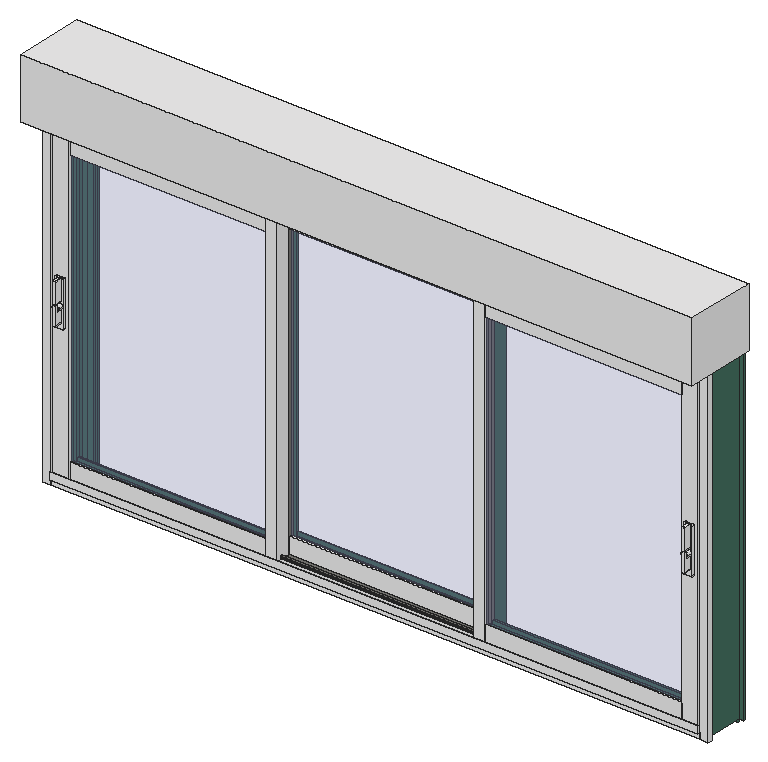
Revit family "K-LINE COULISSANT NEUF-KLBC2R-3V - Bloc Baie VR", category Fenêtres, Revit 2017 (continued)
Definition of nested family "Ouvrant KLBC"
  Dimensions and locks
    aligned and locked: plane 9 to Extrusion 2 sketch curve
    aligned and locked: Extrusion 2 sketch curve to plane 15
    aligned and locked: plane 3 "Centre (gauche/droite)" to Extrusion 2 sketch curve
    aligned and locked: plane 6 "Nu ext" to Extrusion 2 sketch curve
    aligned and locked: Extrusion 2 sketch curve to plane 7
    aligned and locked: plane 13 to Extrusion 2 sketch curve
    aligned and locked: Extrusion 2 sketch curve to plane 8
    aligned and locked: Extrusion 2 sketch curve to plane 1 "Centre (avant/arrière)"
    aligned and locked: plane 17 to Extrusion 3 sketch curve
    aligned and locked: plane 12 to Extrusion 3 sketch curve
    aligned and locked: plane 10 to Extrusion 3 sketch curve
    aligned and locked: plane 11 to Extrusion 3 sketch curve
    aligned and locked: plane 13 to Extrusion 3 sketch curve
    aligned and locked: plane 4 to Extrusion 4 sketch curve
    aligned and locked: Extrusion 4 sketch curve to plane 17
    aligned and locked: Extrusion 4 sketch curve to plane 13
    aligned and locked: plane 10 to Extrusion 4 sketch curve
    aligned and locked: Extrusion 4 sketch curve to plane 6 "Nu ext"
    aligned and locked: Extrusion 4 sketch curve to plane 18
    aligned and locked: Extrusion 3 sketch curve to plane 18
    aligned and locked: Extrusion 3 sketch curve to plane 5
    aligned and locked: Extrusion 3 sketch curve to plane 14
    aligned and locked: Extrusion 4 to plane 2
    aligned and locked: Extrusion 3 to plane 2
    aligned and locked: Extrusion 1 to plane 2
    aligned and locked: Extrusion 2 to plane 2
    aligned and locked: plane 19 to Extrusion 1
    aligned and locked: plane 19 to Extrusion 2
    aligned and locked: plane 19 to Extrusion 3
    aligned and locked: plane 19 to Extrusion 4
    aligned and locked: plane 24 to Extrusion 5 sketch curve
    aligned and locked: plane 21 to Extrusion 5 sketch curve
    aligned and locked: plane 13 to Extrusion 5 sketch curve
    aligned and locked: plane 22 to Extrusion 5 sketch curve
    aligned and locked: Extrusion 5 sketch curve to plane 1 "Centre (avant/arrière)"
    aligned and locked: plane 23 to Extrusion 5 sketch curve
    aligned and locked: Extrusion 5 sketch curve to plane 2
    aligned and locked: Extrusion 5 sketch curve to plane 24
    aligned and locked: Extrusion 5 sketch curve to plane 19
    aligned and locked: Extrusion 5 sketch curve to plane 28
    aligned and locked: plane 1 "Centre (avant/arrière)" to Extrusion 5 sketch curve
    aligned and locked: Extrusion 5 sketch curve to plane 27
    aligned and locked: Extrusion 5 sketch curve to plane 13
    aligned and locked: Extrusion 5 sketch curve to plane 26
    aligned and locked: plane 15 to Extrusion 5 sketch curve
    aligned and locked: Extrusion 5 sketch curve to plane 15
    aligned and locked: plane 23 to Extrusion 6 sketch curve
    aligned and locked: Extrusion 6 sketch curve to plane 16
    aligned and locked: plane 2 to Extrusion 6 sketch curve
    aligned and locked: Extrusion 6 sketch curve to plane 15
    aligned and locked: plane 19 to Extrusion 6 sketch curve
    aligned and locked: plane 16 to Extrusion 6 sketch curve
    aligned and locked: Extrusion 6 sketch curve to plane 28
    aligned and locked: plane 15 to Extrusion 6 sketch curve
    aligned and locked: Extrusion 6 to plane 4
    aligned and locked: plane 3 "Centre (gauche/droite)" to Extrusion 6
    aligned and locked: plane 10 to Extrusion 5
    aligned and locked: plane 7 to cut or joined group of Extrusion 5, Extrusion 6
    aligned and locked: plane 19 to Extrusion 7 sketch curve
    aligned and locked: plane 28 to Extrusion 7 sketch curve
    aligned and locked: plane 1 "Centre (avant/arrière)" to Extrusion 7 sketch curve
    aligned and locked: Extrusion 7 sketch curve to plane 16
    aligned and locked: plane 25 to Extrusion 7 sketch curve
    aligned and locked: plane 27 to Extrusion 7 sketch curve
    aligned and locked: plane 26 to Extrusion 7 sketch curve
    aligned and locked: plane 14 to Extrusion 7 sketch curve
    aligned and locked: Extrusion 7 sketch curve to plane 21
    aligned and locked: Extrusion 7 sketch curve to plane 22
    aligned and locked: Extrusion 7 sketch curve to plane 23
    aligned and locked: plane 2 to Extrusion 7 sketch curve
    aligned and locked: Extrusion 7 sketch curve to plane 25
    aligned and locked: Extrusion 7 sketch curve to plane 14
    aligned and locked: plane 16 to Extrusion 7 sketch curve
    aligned and locked: Extrusion 7 sketch curve to plane 1 "Centre (avant/arrière)"
    aligned and locked: nested 1 to plane 5
    aligned and locked: nested 1 to plane 29
    aligned and locked: nested 1 to plane 20
    aligned and locked: nested 2 to plane 29
    aligned and locked: plane 5 to nested 2
    aligned and locked: plane 20 to nested 2
    aligned and locked: plane 1 "Centre (avant/arrière)" to nested 3
    aligned and locked: plane 30 to nested 3
    aligned and locked: nested 3 to plane 22
    aligned and locked: plane 1 "Centre (avant/arrière)" to nested 4
    aligned and locked: plane 3 "Centre (gauche/droite)" to nested 4
    aligned and locked: nested 5 to plane 1 "Centre (avant/arrière)"
    aligned and locked: plane 19 to nested 5
    aligned and locked: plane 2 to nested 6
    aligned and locked: plane 1 "Centre (avant/arrière)" to nested 6
    aligned and locked: plane 4 to nested 7
    aligned and locked: plane 1 "Centre (avant/arrière)" to nested 7
    aligned and locked: nested 8 to plane 4
    aligned and locked: plane 1 "Centre (avant/arrière)" to nested 8
    aligned and locked: plane 14 to Extrusion 8 sketch curve
    aligned and locked: plane 17 to Extrusion 8 sketch curve
    aligned and locked: Extrusion 8 sketch curve to plane 4
    aligned and locked: Extrusion 9 sketch curve to plane 14
    aligned and locked: plane 13 to Extrusion 9 sketch curve
    aligned and locked: plane 6 "Nu ext" to Extrusion 9 sketch curve
    aligned and locked: Extrusion 9 sketch curve to plane 31
    aligned and locked: Extrusion 9 sketch curve to plane 12
    aligned and locked: Extrusion 9 sketch curve to plane 10
    aligned and locked: Extrusion 9 sketch curve to plane 11
    aligned and locked: Extrusion 9 sketch curve to plane 17
    aligned and locked: Extrusion 8 sketch curve to plane 31
    aligned and locked: plane 10 to Extrusion 7
    aligned and locked: plane 19 to Extrusion 8
    aligned and locked: plane 19 to Extrusion 9
    aligned and locked: Extrusion 9 to plane 2
    aligned and locked: Extrusion 8 to plane 2
    aligned and locked: plane 5 to Extrusion 8 sketch curve
    aligned and locked: Extrusion 10 sketch curve to plane 32
    aligned and locked: plane 4 to Extrusion 10 sketch curve
    aligned and locked: plane 10 to Extrusion 10 sketch curve
    aligned and locked: plane 5 to Extrusion 10 sketch curve
    aligned and locked: plane 23 to Extrusion 10
    aligned and locked: plane 19 to Extrusion 10
    aligned and locked: nested 9 to plane 30
    aligned and locked: nested 9 to plane 1 "Centre (avant/arrière)"
    aligned and locked: plane 33 to nested 10
    aligned and locked: plane 34 to nested 11
    aligned and locked: plane 35 to nested 12
    aligned and locked: nested 12 to plane 1 "Centre (avant/arrière)"
    aligned and locked: nested 11 to plane 1 "Centre (avant/arrière)"
    aligned and locked: nested 10 to plane 1 "Centre (avant/arrière)"
    aligned and locked: plane 38 to nested 9
    aligned and locked: nested 10 to plane 30
    aligned and locked: nested 11 to plane 30
    aligned and locked: nested 12 to plane 30
    aligned and locked: plane 19 to Extrusion 11 sketch curve
    aligned and locked: plane 9 to Extrusion 11 sketch curve
    aligned and locked: Extrusion 11 sketch curve to plane 40
    aligned and locked: Extrusion 11 sketch curve to plane 8
    aligned and locked: plane 41 to Extrusion 11
    aligned and locked: Extrusion 11 to plane 5
  Automatic sketch dimensions
    curve 6 to plane 39 = 0.00 mm
    curve 6 to plane 30 = 100.00 mm
    plane 30 to curve 4 = 100.00 mm
    plane 39 to curve 5 = 10.353 mm
    curve 4 to curve 5 = 38.637 mm
    curve 6 to plane 39 = 10.353 mm
    curve 6 to curve 5 = 0.00 mm
    Extrusion 8 sketch curve to plane 10 = 0.00 mm
    curve 9 to plane 20 = 0.00 mm
    plane 20 to curve 8 = 16.905 mm
    plane 30 to curve 8 = 63.748 mm
    curve 3 to curve 7 = 36.252 mm
    curve 7 to plane 30 = 100.00 mm
    curve 1 to curve 7 = 0.00 mm
    curve 2 to plane 20 = 16.905 mm
    curve 2 to curve 3 = 0.00 mm
    plane 9 to Extrusion 11 sketch curve = 4.00 mm
    Extrusion 11 sketch curve to Extrusion 11 sketch curve = 4.00 mm
  Nested families
    nested 1: "Poignée 24751" at (-31.5, 21.75, 721.5), visible <- "Poignée PF", type "Poignée 24751", detail levels fine
    nested 2: "KLBC_Poignée 102217" at (-31.5, 21.75, 721.5) x (-1, 0, 0) z (0, 0, 1), visible <- "Poignée F", type "KLBC_Poignée 102217", detail levels fine
    nested 3: "Vitrage" at (-619.25, 0, 48), Width <- "Lg vitrage", Height <- "Ht vitrage", type "Vitrage"
      with Width 1143.50 mm, Height 1347.00 mm
    nested 4: "Détail 2D - KLBC - Profil ouvrant" at (-62.5, 0, 0) x (0, -1, 0) z (0, 0, 1), type "Détail 2D - KLBC - Profil ouvrant"
      with Traverse no, Pf vitrage 15.00 mm, Lg 43.50 mm, Ht 62.50 mm
    nested 5: "Détail 2D - KLBC - Profil ouvrant" at (0, 0, 1381) x (0, 1, 0) z (1, 0, 0), type "Détail 2D - KLBC - Profil ouvrant"
      with Traverse yes, Pf vitrage 14.00 mm, Lg 40.00 mm, Ht 62.00 mm
    nested 6: "Détail 2D - KLBC - Profil ouvrant" at (0, 0, 62) x (0, 1, 0) z (1, 0, 0), type "Détail 2D - KLBC - Profil ouvrant"
      with Traverse yes, Pf vitrage 14.00 mm, Lg 40.00 mm, Ht 62.00 mm
    nested 7: "Détail 2D - KLBC - Montant central" at (-1216, 0, 0), visible <- "Vantail Ext", type "Détail 2D - KLBC - Montant central"
      with Profondeur 7.75 mm, Porte fenêtre no, Mt renforcé no
    nested 8: "Détail 2D - KLBC - Montant central" at (-1216, 0, 0), Porte fenêtre <- "Porte fenêtre", visible <- "Vantail Int", Mt renforcé <- "Mt renforcé", type "Détail 2D - KLBC - Montant central"
      with Profondeur 7.75 mm, Porte fenêtre no, Mt renforcé no
    nested 9: "Traverse intermédiaire" at (-619.25, 0, 431) x (-1, 0, 0) z (0, 0, 1), visible <- "1 traverse", type "Traverse intermédiaire"
      with Longueur 1113.50 mm
    nested 10: "Traverse intermédiaire" at (-619.25, 0, 493.333) x (-1, 0, 0) z (0, 0, 1), visible <- "2 traverses", type "Traverse intermédiaire"
      with Longueur 1113.50 mm
    nested 11: "Traverse intermédiaire" at (-619.25, 0, 949.667) x (-1, 0, 0) z (0, 0, 1), visible <- "2 traverses", type "Traverse intermédiaire"
      with Longueur 1113.50 mm
    nested 12: "Traverse intermédiaire" at (-619.25, 0, 1406) x (-1, 0, 0) z (0, 0, 1), visible <- "3 traverses", type "Traverse intermédiaire"
      with Longueur 1113.50 mm
  Definition of nested family "Poignée 24751"
    Parameters
      Couleur Accessoire = none
    Reference planes
      plane 1 "Centre (avant/arrière)": y = 0
      plane 2: z = 0
      plane 3 "Centre (gauche/droite)": x = 0
      plane 4: y = -65
      plane 5: x = -22.6
      plane 6: y = -57
      plane 7: y = -7
      plane 8: z = 80
      plane 9: z = 117
      plane 10: z = -80
      plane 11: z = -117
      plane 12: z = 69.2
      plane 13: z = -69.2
    Forms (mm)
      Extrusion 1, solid, material <- "Couleur Accessoire"
        sketch origin (0, 0, 0) x (1, 0, 0) y (0, 1, 0)
          loop
            line (-14, 0) -> (-14, -7) -> (14, -7) -> (14, 0) -> (-14, 0)
        from -80 to 80
      Extrusion 2, solid, material <- "Couleur Accessoire"
        sketch origin (0, 0, 0) x (1, 0, 0) y (0, 1, 0)
          loop
            arc (-15.05, -65) -> (-22.6, -46) -> (-30.15, -65) r 11
            line (-30.15, -65) -> (-15.05, -65)
        from -117 to 117
      Extrusion 3, solid, material <- "Couleur Accessoire"
        sketch origin (0, 0, 0) x (1, 0, 0) y (0, 1, 0)
          loop
            line (-14, -7) -> (-31.287, -50.252)
            arc (-31.287, -50.252) -> (-17.9, -47.055) -> (-11.871, -59.427) r 11
            line (-11.871, -59.427) -> (14, -7) -> (-14, -7)
        from 69.2 to 80
      Extrusion 4, solid, material <- "Couleur Accessoire"
        sketch origin (0, 0, 0) x (1, 0, 0) y (0, 1, 0)
          loop
            line (-14, -7) -> (-31.287, -50.252)
            arc (-31.287, -50.252) -> (-17.9, -47.055) -> (-11.871, -59.427) r 11
            line (-11.871, -59.427) -> (14, -7) -> (-14, -7)
        from -80 to -69.2
    Cuts and joins
      joined: Extrusion 1, Extrusion 2, Extrusion 3, Extrusion 4
    Dimensions and locks
      locked: plane 4 to plane 1 "Centre (avant/arrière)" at 65
      locked: plane 5 to plane 3 "Centre (gauche/droite)" at 22.6
      locked: plane 6 to plane 1 "Centre (avant/arrière)" at 57
      locked: plane 7 to plane 1 "Centre (avant/arrière)" at 7
      Extrusion 1 sketch curve to plane 3 "Centre (gauche/droite)" = 14.00 mm
      plane 3 "Centre (gauche/droite)" to Extrusion 1 sketch curve = 14.00 mm
      locked: plane 8 to plane 2 at 80
      locked: plane 2 to plane 9 at 117
      locked: plane 10 to level at 80
      locked: level to plane 11 at 117
      locked: plane 12 to plane 8 at 10.8
      locked: plane 13 to plane 10 at 10.8
      aligned and locked: level to plane 2
      aligned and locked: plane 1 "Centre (avant/arrière)" to Extrusion 1 sketch curve
      aligned and locked: plane 7 to Extrusion 1 sketch curve
      aligned and locked: plane 11 to Extrusion 2
      aligned and locked: plane 9 to Extrusion 2
      aligned and locked: plane 10 to Extrusion 1
      aligned and locked: plane 8 to Extrusion 1
      aligned and locked: Extrusion 3 to Extrusion 1
      aligned and locked: Extrusion 3 to plane 12
      aligned and locked: Extrusion 4 to Extrusion 1
      aligned and locked: Extrusion 4 to plane 13
  Definition of nested family "KLBC_Poignée 102217"
    Parameters (values of type "KLBC_Poignée 102217")
      Couleur Accessoire = none
    Reference planes
      plane 1 "Centre (avant/arrière)": y = 0
      plane 2: z = 0
      plane 3 "Centre (gauche/droite)": x = 0
      plane 4: x = -15
      plane 5: y = -24.7
      plane 6: y = -7
      plane 7: z = 13.5
      plane 8: z = 95.5
      plane 9: z = -76
      plane 10: z = 93.5
      plane 11: x = -5
      plane 12: x = 15
      plane 13: x = 5
      plane 14: z = -58
      plane 15: y = -29
    Forms (mm)
      Extrusion 1, solid, material <- "Couleur Accessoire"
        sketch origin (0, 0, 0) x (1, 0, 0) y (0, 0, 1)
          loop
            line (13, 95.5) -> (-13, 95.5)
            arc (-13, 95.5) -> (-14.414, 94.914) -> (-15, 93.5) r 2
            line (-15, 93.5) -> (-15, -74)
            arc (-15, -74) -> (-14.414, -75.414) -> (-13, -76) r 2
            line (-13, -76) -> (13, -76)
            arc (13, -76) -> (14.414, -75.414) -> (15, -74) r 2
            line (15, -74) -> (15, 93.5)
            arc (15, 93.5) -> (14.414, 94.914) -> (13, 95.5) r 2
        from 0 to 7
      Extrusion 2, solid, material <- "Couleur Accessoire"
        sketch origin (0, 0, 0) x (1, 0, 0) y (0, 0, 1)
          loop
            circle (0, 0) r 12
        from 7 to 24.7
      Extrusion 3, solid, material <- "Couleur Accessoire"
        sketch origin (0, 0, 0) x (1, 0, 0) y (0, 0, 1)
          loop
            line (5, 15.253) -> (5, 91.747)
            arc (5, 91.747) -> (4.826, 92.311) -> (4.364, 92.678) r 1
            arc (4.364, 92.678) -> (0, 93.5) -> (-4.364, 92.678) r 12
            arc (-4.364, 92.678) -> (-4.826, 92.311) -> (-5, 91.747) r 1
            line (-5, 91.747) -> (-5, 15.253)
            arc (-5, 15.253) -> (-4.826, 14.689) -> (-4.364, 14.322) r 1
            arc (-4.364, 14.322) -> (0, 13.5) -> (4.364, 14.322) r 12
            arc (4.364, 14.322) -> (4.826, 14.689) -> (5, 15.253) r 1
          loop
            arc (5, 10.247) -> (4.826, 10.811) -> (4.364, 11.178) r 1
            arc (4.364, 11.178) -> (0, 12) -> (-4.364, 11.178) r 12
            arc (-4.364, 11.178) -> (-4.826, 10.811) -> (-5, 10.247) r 1
            line (-5, 10.247) -> (-5, -56.247)
            arc (-5, -56.247) -> (-4.826, -56.811) -> (-4.364, -57.178) r 1
            arc (-4.364, -57.178) -> (0, -58) -> (4.364, -57.178) r 12
            arc (4.364, -57.178) -> (4.826, -56.811) -> (5, -56.247) r 1
            line (5, -56.247) -> (5, 10.247)
        from 7 to 29
    Cuts and joins
      joined: Extrusion 2, Extrusion 3
    Dimensions and locks
      locked: plane 5 to plane 6 at 17.7
      locked: plane 6 to plane 1 "Centre (avant/arrière)" at 7
      locked: plane 7 to plane 2 at 13.5
      locked: plane 2 to plane 8 at 95.5
      locked: level to plane 9 at 76
      locked: plane 4 to plane 3 "Centre (gauche/droite)" at 15
      locked: plane 11 to plane 3 "Centre (gauche/droite)" at 5
      locked: plane 12 to plane 3 "Centre (gauche/droite)" at 15
      locked: plane 13 to plane 3 "Centre (gauche/droite)" at 5
      locked: plane 14 to level at 58
      locked: plane 15 to plane 5 at 4.3
      locked: plane 10 to plane 8 at 2
      radius of Extrusion 2 sketch curve = 12.00 mm
      aligned and locked: level to plane 2
      aligned and locked: plane 8 to Extrusion 1 sketch curve
      aligned and locked: Extrusion 1 sketch curve to plane 12
      aligned and locked: plane 9 to Extrusion 1 sketch curve
      aligned and locked: Extrusion 1 sketch curve to plane 4
      aligned and locked: Extrusion 1 to plane 1 "Centre (avant/arrière)"
      aligned and locked: Extrusion 1 to plane 6
      aligned and locked: Extrusion 2 to plane 5
      aligned and locked: plane 6 to Extrusion 2
      aligned and locked: plane 13 to Extrusion 3 sketch curve
      aligned and locked: plane 11 to Extrusion 3 sketch curve
      aligned and locked: Extrusion 3 sketch curve to plane 11
      aligned and locked: Extrusion 3 sketch curve to plane 13
      aligned and locked: plane 6 to Extrusion 3
      aligned and locked: Extrusion 3 to plane 15
  Definition of nested family "Vitrage"
    Parameters
      Width [instance] = 823.00 mm
      K.LINE Verre = none
      Height [instance] = 1344.00 mm
      Ep verre Int = 4.00 mm
      Ep verre Ext = 4.00 mm
      Ep Vitrage = 28.00 mm
      Analytic Construction = "<Aucun>"
    Reference planes
      plane 1 "Centre (avant/arrière)": y = 0
      plane 2: z = 0
      plane 3 "Centre (gauche/droite)": x = 0
      plane 4: x = -411.5
      plane 5: x = 411.5
      plane 6: y = 14
      plane 7: y = -14
      plane 8: y = 10
      plane 9: y = -10
      plane 10: z = 1344
      plane 11: x = -401.5
      plane 12: x = 401.5
      plane 13: z = 10
      plane 14: z = 1334
    Forms (mm)
      Extrusion 1, solid, material <- "K.LINE Verre"
        sketch origin (0, 0, 0) x (1, 0, 0) y (0, 1, 0)
          loop
            line (-411.5, 14) -> (-411.5, -14) -> (411.5, -14) -> (411.5, 14) -> (-411.5, 14)
        from 0 to 1344
    Lines and regions (mm)
      symbolic lines, detail levels medium+fine
        curve 1: line (-411.5, 14, 0) -> (411.5, 14, 0)
        curve 2: line (-411.5, -14, 0) -> (-411.5, 14, 0)
        curve 3: line (411.5, -14, 0) -> (-411.5, -14, 0)
        curve 4: line (411.5, 14, 0) -> (411.5, -14, 0)
        curve 10: line (0, -14, 0) -> (0, 14, 0)
        curve 11: line (0, -14, 1344) -> (0, -14, 0)
        curve 12: line (0, 14, 1344) -> (0, -14, 1344)
        curve 13: line (0, 14, 0) -> (0, 14, 1344)
      symbolic lines, detail levels coarse
        curve 5: line (-411.5, 0, 0) -> (411.5, 0, 0)
        curve 15: line (0, 0, 0) -> (0, 0, 1344)
      symbolic lines, detail levels fine
        curve 6: line (411.5, -10, 0) -> (-411.5, -10, 0)
        curve 7: line (411.5, 10, 0) -> (-411.5, 10, 0)
        curve 8: line (-401.5, 10, 0) -> (-401.5, -10, 0)
        curve 9: line (401.5, 10, 0) -> (401.5, -10, 0)
        curve 14: line (0, 10, 0) -> (0, 10, 1344)
        curve 16: line (0, -10, 0) -> (0, -10, 1344)
        curve 17: line (0, 10, 1334) -> (0, -10, 1334)
        curve 18: line (0, 10, 10) -> (0, -10, 10)
    Dimensions and locks
      equal spacing: plane 4, plane 3 "Centre (gauche/droite)", plane 5
      equal spacing: plane 6, plane 1 "Centre (avant/arrière)", plane 7
      "Width": plane 4 to plane 5
      "Ep Vitrage": plane 6 to plane 7
      "Ep verre Ext": plane 6 to plane 8
      "Ep verre Int": plane 9 to plane 7
      "Height": plane 2 to plane 10
      plane 4 to plane 11 = 10.00 mm
      locked: plane 12 to plane 5 at 10
      locked: plane 14 to plane 10 at 10
      locked: plane 13 to plane 2 at 10
      aligned and locked: level to plane 2
      aligned and locked: Extrusion 1 sketch curve to plane 6
      aligned and locked: plane 4 to Extrusion 1 sketch curve
      aligned and locked: Extrusion 1 sketch curve to plane 7
      aligned and locked: Extrusion 1 sketch curve to plane 5
      aligned and locked: Extrusion 1 to plane 10
      aligned and locked: Extrusion 1 to plane 2
      aligned and locked: plane 4 to curve 2
      aligned and locked: curve 4 to plane 5
      aligned and locked: curve 1 to plane 6
      aligned and locked: plane 1 "Centre (avant/arrière)" to curve 5
      aligned and locked: curve 3 to plane 7
      aligned and locked: plane 8 to curve 7
      aligned and locked: curve 6 to plane 9
      aligned and locked: curve 8 to plane 11
      aligned and locked: plane 12 to curve 9
      aligned and locked: plane 2 to curve 10
      aligned and locked: plane 10 to curve 12
      aligned and locked: curve 11 to plane 7
      aligned and locked: plane 9 to curve 16
      aligned and locked: plane 1 "Centre (avant/arrière)" to curve 15
      aligned and locked: curve 14 to plane 8
      aligned and locked: curve 13 to plane 6
      aligned and locked: curve 17 to plane 14
      aligned and locked: curve 18 to plane 13
  Definition of nested family "Traverse intermédiaire"
    Parameters
      Longueur = 1520.00 mm
      Couleur int = none
      Couleur ext = none
    Reference planes
      plane 1 "Centre (avant/arrière)": y = 0
      plane 2: z = 0
      plane 3 "Centre (gauche/droite)": x = 0
      plane 4: y = 20
      plane 5: y = -20
      plane 6: y = 14
      plane 7: y = -14
      plane 8: x = -760
      plane 9: x = 760
      plane 10: z = 25
      plane 11: z = -25
      plane 12: z = 11
      plane 13: z = -11
    Forms (mm)
      Extrusion 1, solid, material <- "Couleur int"
        sketch origin (0, 0, 0) x (0, 1, 0) y (0, 0, 1)
          loop
            line (-20, 25) -> (-20, -25) -> (-14, -25) -> (-14, -11) -> (0, -11) -> (0, 11) -> (-14, 11) -> (-14, 25) -> (-20, 25)
        from -760 to 760
      Extrusion 2, solid, material <- "Couleur ext"
        sketch origin (0, 0, 0) x (0, -1, 0) y (0, 0, -1)
          loop
            line (-20, -25) -> (-14, -25) -> (-14, -11) -> (0, -11) -> (0, 11) -> (-14, 11) -> (-14, 25) -> (-20, 25) -> (-20, -25)
        from -760 to 760
    Dimensions and locks
      locked: plane 4 to plane 1 "Centre (avant/arrière)" at 20
      locked: plane 5 to plane 1 "Centre (avant/arrière)" at 20
      locked: plane 6 to plane 4 at 6
      locked: plane 7 to plane 5 at 6
      equal spacing: plane 8, plane 3 "Centre (gauche/droite)", plane 9
      "Longueur": plane 8 to plane 9
      locked: plane 10 to plane 2 at 25
      locked: plane 11 to level at 25
      locked: plane 10 to plane 12 at 14
      locked: plane 11 to plane 13 at 14
      aligned and locked: level to plane 2
      aligned and locked: plane 10 to Extrusion 1 sketch curve
      aligned and locked: Extrusion 1 sketch curve to plane 12
      aligned and locked: Extrusion 1 sketch curve to plane 13
      aligned and locked: plane 11 to Extrusion 1 sketch curve
      aligned and locked: plane 5 to Extrusion 1 sketch curve
      aligned and locked: Extrusion 1 sketch curve to plane 7  (x2)
      aligned and locked: plane 1 "Centre (avant/arrière)" to Extrusion 1 sketch curve
      aligned and locked: plane 1 "Centre (avant/arrière)" to Extrusion 2 sketch curve
      aligned and locked: plane 6 to Extrusion 2 sketch curve  (x2)
      aligned and locked: Extrusion 2 sketch curve to plane 4
      aligned and locked: Extrusion 2 sketch curve to plane 10
      aligned and locked: plane 12 to Extrusion 2 sketch curve
      aligned and locked: Extrusion 2 sketch curve to plane 11
      aligned and locked: plane 13 to Extrusion 2 sketch curve
      aligned and locked: plane 9 to Extrusion 2
      aligned and locked: plane 9 to Extrusion 1
      aligned and locked: Extrusion 1 to plane 8
      aligned and locked: Extrusion 2 to plane 8
  Definition of nested family "Détail 2D - KLBC - Profil ouvrant"
    Parameters
      Traverse [instance] = no
      Pf vitrage [instance] = if(Traverse, 14.00 mm, 15.00 mm)  # 15.00 mm
      Lg [instance] = if(Traverse, 40.00 mm, 43.50 mm)  # 43.50 mm
      Ht [instance] = if(Traverse, 62.00 mm, 62.50 mm)  # 62.50 mm
    Reference planes
      plane 1 "Centre (avant/arrière)": y = 0
      plane 2: z = 0
      plane 3 "Centre (gauche/droite)": x = 0
      plane 4: x = -21.75
      plane 5: x = 21.75
      plane 6: y = 62.5
      plane 7: x = -14
      plane 8: x = 14
      plane 9: x = -8
      plane 10: x = 8
      plane 11: y = 49.5
      plane 12: y = 15
    Lines and regions (mm)
      Filled region 1, type "Uni - Gris", in view "Niveau de réf.", detail levels medium+fine
        outline origin (0, 0, 0) x (1, 0, 0) y (0, 1, 0)
          loop
            line (-21.75, 62.5) -> (-21.75, 0) -> (-14, 0) -> (-14, 15) -> (14, 15) -> (14, 0) -> (21.75, 0) -> (21.75, 62.5) -> (8, 62.5) -> (8, 49.5) -> (-8, 49.5) -> (-8, 62.5) -> (-21.75, 62.5)
      Filled region 2, type "Uni - blanc", in view "Niveau de réf.", detail levels coarse
        outline origin (0, 0, 0) x (1, 0, 0) y (0, 1, 0)
          loop
            line (-21.75, 62.5) -> (-21.75, 0) -> (21.75, 0) -> (21.75, 62.5) -> (-21.75, 62.5)
    Dimensions and locks
      equal spacing: plane 4, plane 3 "Centre (gauche/droite)", plane 5
      "Lg": plane 4 to plane 5
      "Ht": plane 6 to plane 1 "Centre (avant/arrière)"
      locked: plane 7 to plane 3 "Centre (gauche/droite)" at 14
      locked: plane 8 to plane 3 "Centre (gauche/droite)" at 14
      locked: plane 9 to plane 3 "Centre (gauche/droite)" at 8
      locked: plane 10 to plane 3 "Centre (gauche/droite)" at 8
      locked: plane 6 to plane 11 at 13
      "Pf vitrage": plane 12 to plane 1 "Centre (avant/arrière)"
      aligned and locked: Filled region 1 sketch curve to plane 6  (x2)
      aligned and locked: Filled region 1 sketch curve to plane 10
      aligned and locked: Filled region 1 sketch curve to plane 9
      aligned and locked: Filled region 1 sketch curve to plane 11
      aligned and locked: Filled region 1 sketch curve to plane 5
      aligned and locked: plane 4 to Filled region 1 sketch curve
      aligned and locked: plane 12 to Filled region 1 sketch curve
      aligned and locked: Filled region 1 sketch curve to plane 8
      aligned and locked: Filled region 1 sketch curve to plane 1 "Centre (avant/arrière)"  (x2)
      aligned and locked: Filled region 1 sketch curve to plane 7
      aligned and locked: Filled region 2 sketch curve to plane 6
      aligned and locked: Filled region 2 sketch curve to plane 5
      aligned and locked: plane 4 to Filled region 2 sketch curve
      aligned and locked: Filled region 2 sketch curve to plane 1 "Centre (avant/arrière)"
  Definition of nested family "Détail 2D - KLBC - Montant central"
    Parameters (values of type "Détail 2D - KLBC - Montant central")
      Porte fenêtre [instance] = no
      Profondeur [instance] = if(Mt renforcé, 61.50 mm, if(Porte fenêtre, 39.75 mm, 7.75 mm))  # 61.50 mm
      Mt renforcé [instance] = yes
    Reference planes
      plane 1 "Centre (avant/arrière)": y = 0
      plane 2: z = 0
      plane 3 "Centre (gauche/droite)": x = 0
      plane 4: y = 14
      plane 5: y = -14
      plane 6: y = -75.5
      plane 7: y = 28.25
      plane 8: y = 21.75
      plane 9: x = 20
      plane 10: x = 40
      plane 11: x = 25
    Lines and regions (mm)
      Filled region 1, type "Uni - Gris", in view "Niveau de réf.", detail levels medium+fine
        outline origin (0, 0, 0) x (1, 0, 0) y (0, 1, 0)
          loop
            line (20, 28.25) -> (0, 28.25) -> (0, -75.5) -> (40, -75.5) -> (40, -14) -> (25, -14) -> (25, 14) -> (40, 14) -> (40, 21.75) -> (20, 21.75) -> (20, 28.25)
      Filled region 2, type "Uni - blanc", in view "Niveau de réf.", detail levels coarse
        outline origin (0, 0, 0) x (1, 0, 0) y (0, 1, 0)
          loop
            line (0, 21.75) -> (0, -75.5) -> (40, -75.5) -> (40, 21.75) -> (0, 21.75)
    Dimensions and locks
      locked: plane 4 to plane 1 "Centre (avant/arrière)" at 14
      locked: plane 5 to plane 1 "Centre (avant/arrière)" at 14
      "Profondeur": plane 6 to plane 5
      locked: plane 8 to plane 4 at 7.75
      locked: plane 9 to plane 3 "Centre (gauche/droite)" at 20
      locked: plane 10 to plane 9 at 20
      locked: plane 11 to plane 10 at 15
      locked: plane 7 to plane 1 "Centre (avant/arrière)" at 28.25
      aligned and locked: Filled region 1 sketch curve to plane 7
      aligned and locked: Filled region 1 sketch curve to plane 9
      aligned and locked: Filled region 1 sketch curve to plane 8
      aligned and locked: Filled region 1 sketch curve to plane 10  (x2)
      aligned and locked: Filled region 1 sketch curve to plane 4
      aligned and locked: Filled region 1 sketch curve to plane 5
      aligned and locked: Filled region 1 sketch curve to plane 6
      aligned and locked: plane 3 "Centre (gauche/droite)" to Filled region 1 sketch curve
      aligned and locked: plane 11 to Filled region 1
      aligned and locked: plane 3 "Centre (gauche/droite)" to Filled region 2 sketch curve
      aligned and locked: Filled region 2 sketch curve to plane 10
      aligned and locked: Filled region 2 sketch curve to plane 6
      aligned and locked: Filled region 2 sketch curve to plane 8
    Automatic sketch dimensions
      Filled region 1 sketch curve to plane 11 = 0.00 mm
Definition of nested family "Bloc Baie VR"
  Parameters (values of type "Demi Linteau BUBENDORFF")
    Visibilité des lames [instance] = yes
    Thermobloc Petit = no
    Thermobloc Grand = no
    Thermobloc = or(Thermobloc Petit, Thermobloc Grand)  # no
    Voltage = "230V"
    Sous-face = and(Option Sous face, or(Optibloc, DL Buben))  # yes
    Sous face cornière blanc = and(not(Option Sous face), or(Optibloc, DL Buben))  # no
    Wattage = "200W max"
    Profil finition Classic et thermo = or(Thermobloc, Classic)  # no
    Prof coffre Int = if(Optibloc, (55.00 mm + Complement Int Opti), if(Thermobloc Petit, 215.00 mm, if(Thermobloc Grand, 260.00 mm, if(Classic, 220.00 mm, 51.00 mm))))  # 51.00 mm
    Prof coffre Ext = if(Optibloc, 143.00 mm - Complement Int Opti, 135.00 mm)  # 135.00 mm
    Position coulisses = 5.00 mm + Complement Int Opti  # 5.00 mm
    Position cornière = if(Optibloc, 130.00 mm, 138.00 mm)  # 138.00 mm
    Position coffre = if(DL Buben, 30.00 mm, if(Classic, 25.00 mm, 32.00 mm))  # 30.00 mm
    Option Sous face = yes
    Optibloc seul = no
    Optibloc 60 = no
    Optibloc 40 = no
    Optibloc = or(Optibloc seul, Optibloc 40, Optibloc 60)  # no
    Lg cornière = 90.00 mm  # constant formula
    Largeur [instance] = 1600.00 mm
    Complement Int Opti = if(Optibloc seul, 0.00 mm, if(Optibloc 40, 40.00 mm, (if(Optibloc 60, 60.00 mm, 0.00 mm))))  # 0.00 mm
    Ht coffre Int = if(Thermobloc Petit, 195.00 mm, if(Thermobloc Grand, 225.00 mm, if(Classic, 200.00 mm, 273.00 mm)))  # 273.00 mm
    Ht coffre Ext = if(Optibloc, 204.00 mm, 178.00 mm)  # 178.00 mm
    Hauteur [instance] = 2163.00 mm
    Dépassement lat coffre = if(Optibloc, 120.00 mm, if(DL Buben, 160.00 mm, 44.00 mm))  # 160.00 mm
    Demi linteau = not(Coffre Int rectangle)  # yes
    DL Buben = yes
    Couleur lames = none
    Couleur Ext = none
    Coffre Int rectangle = or(Thermobloc, Optibloc, Classic)  # no
    Coffre Ext = or(Optibloc, DL Buben)  # yes
    Classic = no
    Chanfrein Ext = if(Optibloc, 53.00 mm, 5.00 mm)  # 5.00 mm
  Types (7, lengths in mm): name | Thermobloc Petit | Thermobloc Grand | Thermobloc | Sous-face | Sous face cornière blanc | Profil finition Classic et thermo | Prof coffre Int | Prof coffre Ext | Position coulisses | Position cornière | Position coffre | Option Sous face | Optibloc seul | Optibloc 60 | Optibloc 40 | Optibloc | Largeur | Complement Int Opti | Ht coffre Int | Ht coffre Ext | Hauteur | Dépassement lat coffre | Demi linteau | DL Buben | Coffre Int rectangle | Coffre Ext | Classic | Chanfrein Ext
    Demi Linteau Optibloc SPPF | no | no | no | no | yes | no | 55.00 | 143.00 | 5.00 | 130.00 | 32.00 | no | yes | no | no | yes | 1600.00 | 0.00 | 273.00 | 204.00 | 2163.00 | 120.00 | no | no | yes | yes | no | 53.00
    Demi Linteau BUBENDORFF | no | no | no | yes | no | no | 51.00 | 135.00 | 5.00 | 138.00 | 30.00 | yes | no | no | no | no | 1600.00 | 0.00 | 273.00 | 178.00 | 2163.00 | 160.00 | yes | yes | no | yes | no | 5.00
    Demi Linteau Optibloc décalé 40 mm SPPF | no | no | no | yes | no | no | 95.00 | 103.00 | 45.00 | 130.00 | 32.00 | yes | no | no | yes | yes | 1600.00 | 40.00 | 273.00 | 204.00 | 2163.00 | 120.00 | no | no | yes | yes | no | 53.00
    Demi Linteau Optibloc décalé 60 mm SPPF | no | no | no | yes | no | no | 115.00 | 83.00 | 65.00 | 130.00 | 32.00 | yes | no | yes | no | yes | 1600.00 | 60.00 | 273.00 | 204.00 | 2163.00 | 120.00 | no | no | yes | yes | no | 53.00
    Classic BUBENDORFF | no | no | no | no | no | yes | 220.00 | 135.00 | 5.00 | 138.00 | 25.00 | yes | no | no | no | no | 2000.00 | 0.00 | 200.00 | 178.00 | 1976.00 | 44.00 | no | no | yes | no | yes | 5.00
    Thermobloc Petit SPPF | yes | no | yes | no | no | yes | 215.00 | 135.00 | 5.00 | 138.00 | 32.00 | yes | no | no | no | no | 1600.00 | 0.00 | 195.00 | 178.00 | 2163.00 | 44.00 | no | no | yes | no | no | 5.00
    Thermobloc Grand SPPF | no | yes | yes | no | no | yes | 260.00 | 135.00 | 5.00 | 138.00 | 32.00 | no | no | no | no | no | 1600.00 | 0.00 | 225.00 | 178.00 | 2163.00 | 44.00 | no | no | yes | no | no | 5.00
  Reference planes
    plane 1 "Centre (avant/arrière)": y = 0
    plane 2: z = 0
    plane 3 "Centre (gauche/droite)": x = 0
    plane 4: x = -800
    plane 5: x = 800
    plane 6: x = 960
    plane 7: x = -960
    plane 8: y = 31
    plane 9: x = 755.5
    plane 10: x = -755.5
    plane 11: z = 2163
    plane 12 "Base coffre": z = 2193
    plane 13: x = 812
    plane 14: x = -812
    plane 15: z = 2013
    plane 16: x = 790
    plane 17: x = -790
    plane 18: z = 2371
    plane 19: y = -135
    plane 20: y = -135
    plane 21: y = -225
    plane 22: z = 2466
    plane 23: y = 51
    plane 24: y = -130
    plane 25: z = 2366
    plane 26: y = 5
    plane 27: y = 22
    plane 28: y = 14
    plane 29: y = -5
    plane 30: y = -115
  Forms (mm)
    Extrusion 1, solid, material <- "Couleur Ext"
      sketch origin (0, 0, 0) x (1, 0, 0) y (0, 1, 0)
        loop
          line (755.5, 24.85) -> (793.05, 24.85) -> (793.05, 11.15) -> (755.5, 11.15) -> (755.5, 6.977) -> (778.205, 5) -> (800, 5) -> (800, 31) -> (778.205, 31) -> (755.5, 29.023) -> (755.5, 24.85)
        loop
          line (-755.5, 24.85) -> (-755.5, 29.023) -> (-778.205, 31) -> (-800, 31) -> (-800, 5) -> (-778.205, 5) -> (-755.5, 6.977) -> (-755.5, 11.15) -> (-793.05, 11.15) -> (-793.05, 24.85) -> (-755.5, 24.85)
      from 0 to 2193
    Extrusion 2, solid, visible <- "Sous face cornière blanc"
      sketch origin (0, 0, 0) x (0, 1, 0) y (0, 0, 1)
        loop
          line (-225, 2161) -> (-135, 2161) -> (-135, 2193) -> (-136.844, 2193) -> (-136.844, 2163) -> (-225, 2163) -> (-225, 2161)
      from -800 to 800
    Extrusion 3, solid, material <- "Couleur Ext", visible <- "Sous-face"
      sketch origin (0, 0, 0) x (0, 1, 0) y (0, 0, 1)
        loop
          line (-225, 2161) -> (-135, 2161) -> (-135, 2193) -> (-136.844, 2193) -> (-136.844, 2163) -> (-225, 2163) -> (-225, 2161)
      from -800 to 800
    Extrusion 4, solid, material <- "Couleur Ext", visible <- "Sous-face"
      sketch origin (0, 32.5, 0) x (0, 1, 0) y (0, 0, 1)
        loop
          line (-147.5, 2187) -> (-147.5, 2163) -> (-37.5, 2163) -> (-37.5, 2187) -> (-147.5, 2187)
      from -800 to 800
    Extrusion 5, solid, visible <- "Coffre Ext"
      sketch origin (0, 0, 0) x (0, 1, 0) y (0, 0, 1)
        loop
          line (0, 2371) -> (-130, 2371) -> (-135, 2366) -> (-135, 2187) -> (0, 2187) -> (0, 2371)
      from -812 to 812
    Extrusion 6, solid, visible <- "Demi linteau"
      sketch origin (0, 0, 0) x (0, 1, 0) y (0, 0, 1)
        loop
          line (14, 2437.976) -> (14, 2466) -> (0, 2466) -> (0, 2193) -> (51, 2193) -> (51, 2399.671) -> (14, 2437.976)
      from -960 to 960
    Extrusion 7, solid, material <- "Couleur lames", visible <- "Visibilité des lames"
      sketch origin (0, -5, 0) x (0, 1, 0) y (0, 0, 1)
        loop
          line (27, 2013) -> (27, 2045.496) -> (19, 2047.639) -> (19, 2013) -> (27, 2013)
        loop
          line (27, 2085.496) -> (19, 2087.639) -> (19, 2049.639) -> (27, 2047.496) -> (27, 2085.496)
        loop
          line (27, 2125.496) -> (19, 2127.639) -> (19, 2089.639) -> (27, 2087.496) -> (27, 2125.496)
        loop
          line (27, 2165.496) -> (19, 2167.639) -> (19, 2129.639) -> (27, 2127.496) -> (27, 2165.496)
        loop
          line (27, 2193) -> (19, 2193) -> (19, 2169.639) -> (27, 2167.496) -> (27, 2193)
      from -790 to 790
    Extrusion 8, solid, visible <- "Coffre Int rectangle"
      sketch origin (0, 0, 0) x (0, 1, 0) y (0, 0, 1)
        loop
          line (51, 2466) -> (0, 2466) -> (0, 2193) -> (51, 2193) -> (51, 2466)
      from -960 to 960
    Extrusion 9, solid, material <- "Couleur Ext", visible <- "Profil finition Classic et thermo"
      sketch origin (0, 0, 0) x (0, 1, 0) y (0, 0, 1)
        loop
          line (0, 2163) -> (5, 2163) -> (5, 2193) -> (0, 2193) -> (0, 2163)
      from -800 to 800
  Lines and regions (mm)
    symbolic lines
      curve 1: line (0, 31, 2193) -> (0, 31, 0)
      curve 2: line (0, 31, 0) -> (0, 5, 0)
      curve 3: line (0, 5, 0) -> (0, 5, 2193)
    symbolic lines, detail levels medium+fine
      curve 4: line (960, 51, 0) -> (-960, 51, 0)
      curve 5: line (-960, 51, 0) -> (-960, 0, 0)
      curve 6: line (-960, 0, 0) -> (-800, 0, 0)
      curve 7: line (960, 51, 0) -> (960, 0, 0)
      curve 8: line (960, 0, 0) -> (800, 0, 0)
  Dimensions and locks
    equal spacing: plane 4, plane 3 "Centre (gauche/droite)", plane 5
    "Largeur": plane 4 to plane 5
    "Dépassement lat coffre": plane 6 to plane 5
    "Dépassement lat coffre": plane 7 to plane 4
    locked: plane 9 to plane 5 at 44.5
    locked: plane 10 to plane 4 at 44.5
    "Hauteur": plane 11 to plane 2
    "Position coffre": plane 12 "Base coffre" to plane 11
    locked: plane 4 to plane 14 at 12
    locked: plane 5 to plane 13 at 12
    locked: plane 11 to plane 15 at 150
    locked: plane 16 to plane 5 at 10
    locked: plane 17 to plane 4 at 10
    "Ht coffre Ext": plane 12 "Base coffre" to plane 18
    "Prof coffre Ext": plane 1 "Centre (avant/arrière)" to plane 19
    "Lg cornière": plane 20 to plane 21
    "Prof coffre Int": plane 23 to plane 1 "Centre (avant/arrière)"
    "Ht coffre Int": plane 12 "Base coffre" to plane 22
    "Chanfrein Ext": plane 18 to plane 25
    "Chanfrein Ext": plane 24 to plane 19
    locked: plane 22 to Extrusion 6 sketch curve at 28.024
    locked: plane 23 to Extrusion 6 sketch curve at 37
    locked: plane 26 to plane 8 at 26
    locked: plane 26 to plane 28 at 9
    locked: plane 27 to plane 8 at 9
    locked: plane 26 to plane 29 at 10
    locked: plane 29 to plane 30 at 110
    locked: plane 30 to plane 20 at 20
    "Position coulisses": plane 1 "Centre (avant/arrière)" to plane 26
    aligned and locked: level to plane 2
    aligned and locked: Extrusion 1 sketch curve to plane 9
    aligned and locked: plane 4 to Extrusion 1 sketch curve
    aligned and locked: Extrusion 1 sketch curve to plane 10
    aligned and locked: plane 10 to Extrusion 1 sketch curve
    aligned and locked: plane 11 to Extrusion 2 sketch curve
    aligned and locked: plane 5 to Extrusion 1 sketch curve
    aligned and locked: Extrusion 3 to plane 4
    aligned and locked: Extrusion 2 to plane 4
    aligned and locked: plane 5 to Extrusion 3
    aligned and locked: plane 5 to Extrusion 2
    aligned and locked: plane 11 to Extrusion 4 sketch curve
    aligned and locked: Extrusion 4 to plane 4
    aligned and locked: plane 5 to Extrusion 4
    aligned and locked: plane 14 to Extrusion 5
    aligned and locked: plane 13 to Extrusion 5
    aligned and locked: Extrusion 6 sketch curve to plane 12 "Base coffre"
    aligned and locked: plane 7 to Extrusion 6
    aligned and locked: Extrusion 6 to plane 6
    aligned and locked: plane 12 "Base coffre" to Extrusion 7 sketch curve
    aligned and locked: plane 17 to Extrusion 7
    aligned and locked: plane 16 to Extrusion 7
    aligned and locked: plane 20 to Extrusion 3 sketch curve
    aligned and locked: Extrusion 3 sketch curve to plane 21
    aligned and locked: plane 12 "Base coffre" to Extrusion 3 sketch curve
    aligned and locked: plane 20 to Extrusion 2 sketch curve
    aligned and locked: plane 12 "Base coffre" to Extrusion 2 sketch curve
    aligned and locked: Extrusion 2 sketch curve to plane 21
    aligned and locked: plane 19 to Extrusion 5
    aligned and locked: Extrusion 5 sketch curve to plane 18
    aligned and locked: plane 22 to Extrusion 6
    aligned and locked: Extrusion 8 sketch curve to plane 12 "Base coffre"
    aligned and locked: Extrusion 8 sketch curve to plane 1 "Centre (avant/arrière)"
    aligned and locked: Extrusion 8 sketch curve to plane 22
    aligned and locked: plane 6 to Extrusion 8
    aligned and locked: plane 7 to Extrusion 8
    aligned and locked: plane 8 to Extrusion 1 sketch curve
    aligned and locked: Extrusion 6 sketch curve to plane 23
    aligned and locked: plane 22 to import instance  (x2)
    aligned and locked: import instance to plane 1 "Centre (avant/arrière)"
    aligned and locked: plane 1 "Centre (avant/arrière)" to import instance
    aligned and locked: Extrusion 8 sketch curve to plane 23
    aligned and locked: plane 4 to nested 2
    aligned and locked: plane 5 to nested 1
    aligned and locked: Extrusion 7 sketch curve to plane 28  (x5)
    aligned and locked: plane 27 to Extrusion 7 sketch curve  (x5)
    aligned and locked: plane 26 to Extrusion 1 sketch curve
    aligned and locked: Extrusion 1 sketch curve to plane 26
    aligned and locked: plane 26 to nested 1
    aligned and locked: nested 2 to plane 26
    aligned and locked: Extrusion 4 sketch curve to plane 29
    aligned and locked: plane 30 to Extrusion 4 sketch curve
    aligned and locked: Extrusion 1 to plane 12 "Base coffre"
    aligned and locked: Extrusion 1 to plane 2
    aligned and locked: plane 11 to Extrusion 9 sketch curve
    aligned and locked: plane 1 "Centre (avant/arrière)" to Extrusion 9 sketch curve
    aligned and locked: plane 12 "Base coffre" to Extrusion 9 sketch curve
    aligned and locked: Extrusion 9 sketch curve to plane 26
    aligned and locked: plane 5 to Extrusion 9
    aligned and locked: Extrusion 9 to plane 4
    aligned and locked: plane 26 to curve 3
    aligned and locked: plane 23 to curve 4
  Automatic sketch dimensions
    Extrusion 7 sketch curve to plane 15 = 0.00 mm
    plane 11 to Extrusion 7 sketch curve = 2.496 mm
    Extrusion 7 sketch curve to Extrusion 7 sketch curve = 32.496 mm
    Extrusion 7 sketch curve to Extrusion 7 sketch curve = 2.00 mm  (x8)
    Extrusion 7 sketch curve to Extrusion 7 sketch curve = 0.144 mm  (x3)
    Extrusion 7 sketch curve to Extrusion 7 sketch curve = 35.856 mm  (x2)
    plane 11 to Extrusion 7 sketch curve = 4.639 mm
    curve 3 to level = 0.00 mm
    curve 2 to plane 8 = 0.00 mm
    plane 12 "Base coffre" to curve 3 = 0.00 mm
    plane 12 "Base coffre" to curve 1 = 0.00 mm
    curve 4 to plane 7 = 0.00 mm
    plane 1 "Centre (avant/arrière)" to curve 6 = 0.00 mm
    curve 6 to plane 4 = 0.00 mm
    plane 1 "Centre (avant/arrière)" to curve 8 = 0.00 mm
    curve 8 to plane 5 = 0.00 mm
    curve 7 to plane 6 = 0.00 mm
    Extrusion 2 sketch curve to Extrusion 2 sketch curve = 1.844 mm
    Extrusion 2 sketch curve to plane 11 = 2.00 mm  (x2)
    Extrusion 3 sketch curve to plane 11 = 0.00 mm
    Extrusion 3 sketch curve to Extrusion 3 sketch curve = 1.844 mm
    Extrusion 3 sketch curve to plane 11 = 2.00 mm
    Extrusion 3 sketch curve to Extrusion 3 sketch curve = 2.00 mm
    plane 12 "Base coffre" to Extrusion 4 sketch curve = 6.00 mm
    Extrusion 5 sketch curve to plane 19 = 0.00 mm
    plane 1 "Centre (avant/arrière)" to Extrusion 5 sketch curve = 0.00 mm
    plane 12 "Base coffre" to Extrusion 5 sketch curve = 6.00 mm
    Extrusion 5 sketch curve to plane 25 = 0.00 mm
    Extrusion 5 sketch curve to plane 24 = 0.00 mm
    Extrusion 6 sketch curve to plane 22 = 0.00 mm
    plane 18 to Extrusion 6 sketch curve = 28.671 mm
    Extrusion 6 sketch curve to plane 1 "Centre (avant/arrière)" = 0.00 mm
    Extrusion 1 sketch curve to plane 9 = 0.00 mm
    plane 8 to Extrusion 1 sketch curve = 0.00 mm
    plane 17 to Extrusion 1 sketch curve = 3.05 mm
    Extrusion 1 sketch curve to plane 17 = 11.795 mm  (x2)
    Extrusion 1 sketch curve to plane 16 = 11.795 mm  (x2)
    plane 16 to Extrusion 1 sketch curve = 3.05 mm
    Extrusion 1 sketch curve to plane 26 = 1.977 mm  (x2)
    plane 8 to Extrusion 1 sketch curve = 1.977 mm  (x2)
    Extrusion 1 sketch curve to plane 27 = 2.85 mm  (x2)
    plane 28 to Extrusion 1 sketch curve = 2.85 mm  (x2)
  Nested families
    nested 1: "Détail 2D coulisse demi-linteau" at (800, 5, 0), type "Détail 2D coulisse demi-linteau"
    nested 2: "Détail 2D coulisse demi-linteau" at (-800, 5, 0) x (-1, 0, 0) z (0, 0, 1), type "Détail 2D coulisse demi-linteau"
  Definition of nested family "Détail 2D coulisse demi-linteau"
    Reference planes
      plane 1 "Centre (avant/arrière)": y = 0
      plane 2: z = 0
      plane 3 "Centre (gauche/droite)": x = 0
    Lines and regions (mm)
      Filled region 1, type "Uni - Gris", in view "Niveau de réf.", detail levels medium+fine
        outline origin (0, 0, 0) x (1, 0, 0) y (0, 1, 0)
          loop
            line (-21.795, 26) -> (-44.5, 24.023) -> (-44.5, 19.85) -> (-6.95, 19.85) -> (-6.95, 6.15) -> (-44.5, 6.15) -> (-44.5, 1.977) -> (-21.795, 0) -> (0, 0) -> (0, 26) -> (-21.795, 26)
      Filled region 2, type "Uni - Blanc", in view "Niveau de réf.", detail levels coarse
        outline origin (0, 0, 0) x (1, 0, 0) y (0, 1, 0)
          loop
            line (-44.5, 26) -> (-44.5, 0) -> (0, 0) -> (0, 26) -> (-44.5, 26)
    Dimensions and locks
      aligned and locked: plane 3 "Centre (gauche/droite)" to Filled region 1 sketch curve
      aligned and locked: plane 1 "Centre (avant/arrière)" to Filled region 1 sketch curve
      aligned and locked: Filled region 2 sketch curve to Filled region 1  (x4)
Definition of nested family "Ouvrant KLBC-3V"
  Parameters (values of type "Ouvrant KLBC-3V")
    Vitrage = none
    Visibilité ouverture = yes
    Position traverses = if([3 traverses], (Height - 274.00 mm) / 4 + 50.00 mm, (Height - 224.00 mm) / 3 + 50.00 mm)  # 689.667 mm
    Nb traverses = 0.00 mm
    Lg vitrage = Width - 50.00 mm  # 692.333 mm
    Lg traverse = Width - 80.00 mm  # 662.333 mm
    Width = 742.333 mm
    Ht vitrage = Height - 96.00 mm  # 2047.00 mm
    Ht traverse 1 = 431.00 mm
    Height = 2143.00 mm
    Couleur châssis Int = none
    Couleur châssis Ext = none
    Couleur Accessoire Int = none
    Analytic Construction = "<Aucun>"
    3 traverses = Nb traverses = 3.00 mm  # no
    2 traverses = or(Nb traverses = 2.00 mm, Nb traverses = 3.00 mm)  # no
    1 traverse = Nb traverses = 1.00 mm  # no
  Reference planes
    plane 1 "Centre (avant/arrière)": y = 0
    plane 2: z = 0
    plane 3 "Centre (gauche/droite)": x = 0
    plane 4: x = -742.333
    plane 5: y = 21.75
    plane 6 "Nu ext": y = -21.75
    plane 7: x = -40
    plane 8: x = -25
    plane 9: x = -3
    plane 10: x = -702.333
    plane 11: x = -717.333
    plane 12: x = -722.333
    plane 13: y = -14
    plane 14: y = 14
    plane 15: y = -8
    plane 16: y = 8
    plane 17: x = -739.333
    plane 18: y = 28.25
    plane 19: z = 2143
    plane 20: z = 1071.5
    plane 21: z = 62
    plane 22: z = 48
    plane 23: z = 13
    plane 24: y = -20
    plane 25: y = 20
    plane 26: z = 2081
    plane 27: z = 2095
    plane 28: z = 2130
    plane 29: x = -20
    plane 30: x = -371.167
    plane 31: z = 726.667
    plane 32: z = 1416.333
    plane 33: z = 2106
    plane 34: z = 2795.667
    plane 35: z = 37
    plane 36: z = 431
    plane 37: y = 120
  Forms (mm)
    Extrusion 1, solid
      sketch origin (0, 0, 0) x (1, 0, 0) y (0, 1, 0)
        loop
          line (-739.333, 28.25) -> (-739.333, -14) -> (-717.333, -14) -> (-717.333, 14) -> (-702.333, 14) -> (-702.333, 21.75) -> (-722.333, 21.75) -> (-722.333, 28.25) -> (-739.333, 28.25)
        loop
          line (-3, 28.25) -> (-20, 28.25) -> (-20, 21.75) -> (-40, 21.75) -> (-40, 14) -> (-25, 14) -> (-25, -14) -> (-3, -14) -> (-3, 28.25)
      from 0 to 2143
    Extrusion 2, solid, material <- "Couleur châssis Ext"
      sketch origin (0, 0, 0) x (1, 0, 0) y (0, 1, 0)
        loop
          line (-742.333, 28.25) -> (-742.333, -21.75) -> (-702.333, -21.75) -> (-702.333, -14) -> (-739.333, -14) -> (-739.333, 28.25) -> (-742.333, 28.25)
        loop
          line (0, 28.25) -> (-3, 28.25) -> (-3, -14) -> (-40, -14) -> (-40, -21.75) -> (0, -21.75) -> (0, 28.25)
      from 0 to 2143
    Extrusion 3, solid, material <- "Couleur châssis Ext"
      sketch origin (0, 0, 0) x (0, 1, 0) y (0, 0, 1)
        loop
          line (-20, 62) -> (-20, 0) -> (-8, 0) -> (-8, 13) -> (0, 13) -> (0, 48) -> (-14, 48) -> (-14, 62) -> (-20, 62)
        loop
          line (-20, 2081) -> (-14, 2081) -> (-14, 2095) -> (0, 2095) -> (0, 2130) -> (-8, 2130) -> (-8, 2143) -> (-20, 2143) -> (-20, 2081)
      from -40 to -702.333
    Extrusion 4, void
      sketch origin (0, 0, 0) x (0, 1, 0) y (0, 0, 1)
        loop
          line (-8, 13) -> (-8, 0) -> (8, 0) -> (8, 13) -> (-8, 13)
        loop
          line (-8, 2130) -> (8, 2130) -> (8, 2143) -> (-8, 2143) -> (-8, 2130)
      from 0 to -742.333
    Extrusion 5, solid, material <- "Couleur châssis Int"
      sketch origin (0, 1.25, 0.625) x (0, -1, 0) y (0, 0, -1)
        loop
          line (-18.75, -61.375) -> (-12.75, -61.375) -> (-12.75, -47.375) -> (1.25, -47.375) -> (1.25, -12.375) -> (-6.75, -12.375) -> (-6.75, 0.625) -> (-18.75, 0.625) -> (-18.75, -61.375)
        loop
          line (-18.75, -2080.375) -> (-18.75, -2142.375) -> (-6.75, -2142.375) -> (-6.75, -2129.375) -> (1.25, -2129.375) -> (1.25, -2094.375) -> (-12.75, -2094.375) -> (-12.75, -2080.375) -> (-18.75, -2080.375)
      from -40 to -702.333
  Cuts and joins
    Extrusion 4 cuts Extrusion 3
    Extrusion 4 cuts Extrusion 2
    Extrusion 4 cuts Extrusion 1
  Lines and regions (mm)
    symbolic lines
      curve 1: line (-471.167, -21.75, 1071.5) -> (-271.167, -21.75, 1071.5)
      curve 2: line (-471.167, -21.75, 1071.5) -> (-434.914, -21.75, 1088.405)
      curve 3: line (-471.167, -21.75, 1071.5) -> (-434.914, -21.75, 1054.595)
      curve 9: line (-271.167, -21.75, 1071.5) -> (-307.419, -21.75, 1088.405)
      curve 10: line (-271.167, -21.75, 1071.5) -> (-307.419, -21.75, 1054.595)
    symbolic lines, visible <- "Visibilité ouverture"
      curve 4: line (-471.167, 120, 0) -> (-271.167, 120, 0)
      curve 5: line (-471.167, 120, 0) -> (-432.53, 130.353, 0)
      curve 6: line (-471.167, 120, 0) -> (-432.53, 109.647, 0)
      curve 7: line (-271.167, 120, 0) -> (-309.804, 130.353, 0)
      curve 8: line (-271.167, 120, 0) -> (-309.804, 109.647, 0)
    model lines, visible <- "Visibilité ouverture"
      curve 11: line (-307.419, -21.75, 1088.405) -> (-271.167, -21.75, 1071.5)
      curve 12: line (-271.167, -21.75, 1071.5) -> (-307.419, -21.75, 1054.595)
      curve 13: line (-271.167, -21.75, 1071.5) -> (-471.167, -21.75, 1071.5)
      curve 14: line (-434.914, -21.75, 1088.405) -> (-471.167, -21.75, 1071.5)
      curve 15: line (-471.167, -21.75, 1071.5) -> (-434.914, -21.75, 1054.595)
  Dimensions and locks
    "Width": plane 4 to plane 3 "Centre (gauche/droite)"
    locked: plane 5 to plane 1 "Centre (avant/arrière)" at 21.75
    locked: plane 6 "Nu ext" to plane 1 "Centre (avant/arrière)" at 21.75
    locked: plane 7 to plane 8 at 15
    locked: plane 9 to plane 3 "Centre (gauche/droite)" at 3
    locked: plane 10 to plane 11 at 15
    locked: plane 4 to plane 12 at 20
    locked: plane 12 to plane 10 at 20
    locked: plane 6 "Nu ext" to plane 13 at 7.75
    locked: plane 5 to plane 14 at 7.75
    locked: plane 15 to plane 1 "Centre (avant/arrière)" at 8
    locked: plane 16 to plane 1 "Centre (avant/arrière)" at 8
    locked: plane 4 to plane 17 at 3
    locked: plane 6 "Nu ext" to plane 18 at 50
    "Height": plane 19 to plane 2
    equal spacing: plane 19, plane 20, plane 2
    locked: plane 21 to plane 2 at 62
    locked: plane 21 to plane 22 at 14
    locked: plane 2 to plane 23 at 13
    locked: plane 24 to plane 13 at 6
    locked: plane 25 to plane 14 at 6
    locked: plane 26 to plane 27 at 14
    locked: plane 19 to plane 28 at 13
    locked: plane 26 to plane 19 at 62
    locked: plane 29 to plane 3 "Centre (gauche/droite)" at 20
    equal spacing: plane 11, plane 30, plane 8
    "Position traverses": plane 32 to plane 31
    "Position traverses": plane 33 to plane 32
    "Position traverses": plane 34 to plane 33
    locked: plane 21 to plane 35 at 25
    "Position traverses": plane 31 to plane 35
    "Ht traverse 1": plane 36 to plane 2
    locked: plane 37 to plane 1 "Centre (avant/arrière)" at 120
    locked: plane 7 to plane 29 at 20
    aligned and locked: level to plane 2
    aligned and locked: plane 17 to Extrusion 1 sketch curve
    aligned and locked: plane 12 to Extrusion 1 sketch curve
    aligned and locked: plane 10 to Extrusion 1 sketch curve
    aligned and locked: plane 11 to Extrusion 1 sketch curve
    aligned and locked: plane 13 to Extrusion 1 sketch curve
    aligned and locked: plane 4 to Extrusion 2 sketch curve
    aligned and locked: Extrusion 2 sketch curve to plane 17
    aligned and locked: Extrusion 2 sketch curve to plane 13
    aligned and locked: plane 10 to Extrusion 2 sketch curve
    aligned and locked: Extrusion 2 sketch curve to plane 6 "Nu ext"
    aligned and locked: plane 18 to Extrusion 2 sketch curve
    aligned and locked: plane 18 to Extrusion 1 sketch curve
    aligned and locked: Extrusion 1 sketch curve to plane 5
    aligned and locked: Extrusion 1 sketch curve to plane 14
    aligned and locked: Extrusion 2 to plane 2
    aligned and locked: Extrusion 1 to plane 2
    aligned and locked: plane 19 to Extrusion 1
    aligned and locked: plane 19 to Extrusion 2
    aligned and locked: plane 24 to Extrusion 3 sketch curve
    aligned and locked: plane 21 to Extrusion 3 sketch curve
    aligned and locked: plane 13 to Extrusion 3 sketch curve
    aligned and locked: plane 22 to Extrusion 3 sketch curve
    aligned and locked: Extrusion 3 sketch curve to plane 1 "Centre (avant/arrière)"
    aligned and locked: plane 23 to Extrusion 3 sketch curve
    aligned and locked: Extrusion 3 sketch curve to plane 2
    aligned and locked: Extrusion 3 sketch curve to plane 24
    aligned and locked: Extrusion 3 sketch curve to plane 19
    aligned and locked: Extrusion 3 sketch curve to plane 28
    aligned and locked: plane 1 "Centre (avant/arrière)" to Extrusion 3 sketch curve
    aligned and locked: Extrusion 3 sketch curve to plane 27
    aligned and locked: Extrusion 3 sketch curve to plane 13
    aligned and locked: Extrusion 3 sketch curve to plane 26
    aligned and locked: plane 15 to Extrusion 3 sketch curve
    aligned and locked: Extrusion 3 sketch curve to plane 15
    aligned and locked: plane 23 to Extrusion 4 sketch curve
    aligned and locked: Extrusion 4 sketch curve to plane 16
    aligned and locked: plane 2 to Extrusion 4 sketch curve
    aligned and locked: Extrusion 4 sketch curve to plane 15
    aligned and locked: plane 19 to Extrusion 4 sketch curve
    aligned and locked: plane 16 to Extrusion 4 sketch curve
    aligned and locked: Extrusion 4 sketch curve to plane 28
    aligned and locked: plane 15 to Extrusion 4 sketch curve
    aligned and locked: Extrusion 4 to plane 4
    aligned and locked: plane 3 "Centre (gauche/droite)" to Extrusion 4
    aligned and locked: plane 10 to Extrusion 3
    aligned and locked: plane 7 to cut or joined group of Extrusion 3, Extrusion 4
    aligned and locked: plane 19 to Extrusion 5 sketch curve
    aligned and locked: plane 28 to Extrusion 5 sketch curve
    aligned and locked: plane 1 "Centre (avant/arrière)" to Extrusion 5 sketch curve
    aligned and locked: Extrusion 5 sketch curve to plane 16
    aligned and locked: plane 25 to Extrusion 5 sketch curve
    aligned and locked: plane 27 to Extrusion 5 sketch curve
    aligned and locked: plane 26 to Extrusion 5 sketch curve
    aligned and locked: plane 14 to Extrusion 5 sketch curve
    aligned and locked: Extrusion 5 sketch curve to plane 21
    aligned and locked: Extrusion 5 sketch curve to plane 22
    aligned and locked: Extrusion 5 sketch curve to plane 23
    aligned and locked: plane 2 to Extrusion 5 sketch curve
    aligned and locked: Extrusion 5 sketch curve to plane 25
    aligned and locked: Extrusion 5 sketch curve to plane 14
    aligned and locked: plane 16 to Extrusion 5 sketch curve
    aligned and locked: Extrusion 5 sketch curve to plane 1 "Centre (avant/arrière)"
    aligned and locked: plane 1 "Centre (avant/arrière)" to nested 1
    aligned and locked: plane 30 to nested 1
    aligned and locked: nested 1 to plane 22
    aligned and locked: nested 2 to plane 1 "Centre (avant/arrière)"
    aligned and locked: plane 19 to nested 2
    aligned and locked: plane 2 to nested 3
    aligned and locked: plane 1 "Centre (avant/arrière)" to nested 3
    aligned and locked: plane 4 to nested 4
    aligned and locked: plane 1 "Centre (avant/arrière)" to nested 4
    aligned and locked: plane 10 to Extrusion 5
    aligned and locked: nested 5 to plane 30
    aligned and locked: nested 5 to plane 1 "Centre (avant/arrière)"
    aligned and locked: plane 31 to nested 6
    aligned and locked: plane 32 to nested 7
    aligned and locked: plane 33 to nested 8
    aligned and locked: nested 8 to plane 1 "Centre (avant/arrière)"
    aligned and locked: nested 7 to plane 1 "Centre (avant/arrière)"
    aligned and locked: nested 6 to plane 1 "Centre (avant/arrière)"
    aligned and locked: plane 36 to nested 5
    aligned and locked: nested 6 to plane 30
    aligned and locked: nested 7 to plane 30
    aligned and locked: nested 8 to plane 30
    aligned and locked: plane 7 to Extrusion 5
    aligned and locked: Extrusion 2 sketch curve to plane 18
    aligned and locked: plane 13 to Extrusion 2 sketch curve
    aligned and locked: plane 6 "Nu ext" to Extrusion 2 sketch curve
    aligned and locked: Extrusion 2 sketch curve to plane 7
    aligned and locked: Extrusion 2 sketch curve to plane 9
    aligned and locked: plane 3 "Centre (gauche/droite)" to Extrusion 2 sketch curve
    aligned and locked: Extrusion 1 sketch curve to plane 7
    aligned and locked: Extrusion 1 sketch curve to plane 8
    aligned and locked: Extrusion 1 sketch curve to plane 29
    aligned and locked: plane 9 to Extrusion 1 sketch curve
    aligned and locked: Extrusion 1 sketch curve to plane 18
    aligned and locked: plane 5 to Extrusion 1 sketch curve
    aligned and locked: plane 14 to Extrusion 1 sketch curve
    aligned and locked: Extrusion 1 sketch curve to plane 13
